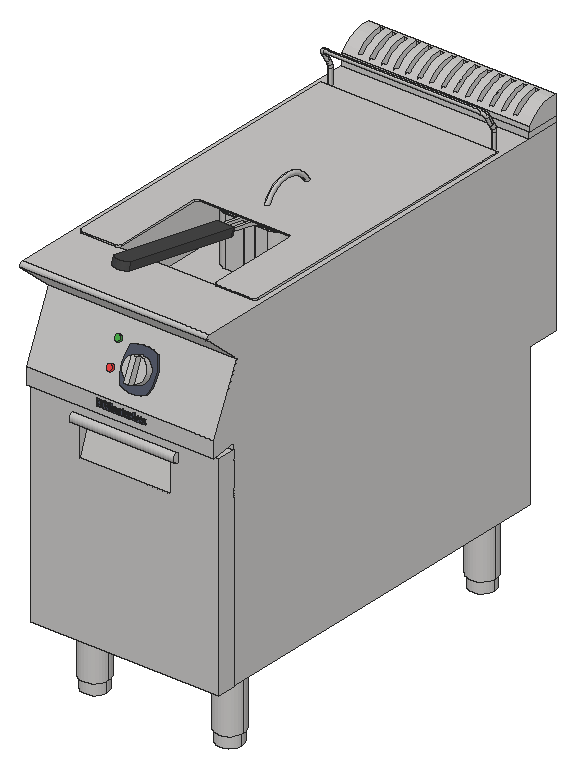
Revit family "QF_ELECTROLUXPROFESSIONAL_391087_E9FRED1GF0", category Specialty Equipment, Revit 2018 (continued)
Automatic sketch dimensions
  Extrusion 21 sketch curve to Extrusion 21 sketch curve = 2.504 mm
  Extrusion 21 sketch curve to Extrusion 21 sketch curve = 2.459 mm
  Extrusion 21 sketch curve to Extrusion 21 sketch curve = 1.322 mm
  Extrusion 21 sketch curve to Extrusion 21 sketch curve = 2.77 mm
  Extrusion 21 sketch curve to Extrusion 21 sketch curve = 2.51 mm
  Extrusion 21 sketch curve to Extrusion 21 sketch curve = 0.187 mm
  Extrusion 21 sketch curve to Extrusion 21 sketch curve = 2.559 mm
  Extrusion 21 sketch curve to Extrusion 21 sketch curve = 1.556 mm
  Extrusion 21 sketch curve to Extrusion 21 sketch curve = 0.222 mm
  Extrusion 21 sketch curve to Extrusion 21 sketch curve = 1.383 mm
  Extrusion 21 sketch curve to Extrusion 21 sketch curve = 3.114 mm
  Extrusion 21 sketch curve to Extrusion 21 sketch curve = 3.376 mm
  Extrusion 21 sketch curve to Extrusion 21 sketch curve = 0.934 mm
  Extrusion 21 sketch curve to Extrusion 21 sketch curve = 0.191 mm
  Extrusion 21 sketch curve to Extrusion 21 sketch curve = 3.696 mm
  Extrusion 21 sketch curve to Extrusion 21 sketch curve = 2.708 mm
  Extrusion 21 sketch curve to Extrusion 21 sketch curve = 3.333 mm
  Extrusion 21 sketch curve to Extrusion 21 sketch curve = 0.332 mm
  Extrusion 21 sketch curve to Extrusion 21 sketch curve = 1.087 mm
  Extrusion 21 sketch curve to Extrusion 21 sketch curve = 2.23 mm
  Extrusion 21 sketch curve to Extrusion 21 sketch curve = 2.757 mm
  Extrusion 21 sketch curve to Extrusion 21 sketch curve = 0.987 mm
  Extrusion 21 sketch curve to Extrusion 21 sketch curve = 1.529 mm
  Extrusion 21 sketch curve to Extrusion 21 sketch curve = 1.796 mm
  Extrusion 21 sketch curve to Extrusion 21 sketch curve = 2.859 mm
  Extrusion 21 sketch curve to Extrusion 21 sketch curve = 0.853 mm
  Extrusion 21 sketch curve to Extrusion 21 sketch curve = 1.241 mm
  Extrusion 21 sketch curve to Extrusion 21 sketch curve = 2.046 mm  (x2)
  Extrusion 21 sketch curve to Extrusion 21 sketch curve = 2.422 mm
  Extrusion 21 sketch curve to Extrusion 21 sketch curve = 0.27 mm  (x2)
  Extrusion 21 sketch curve to Extrusion 21 sketch curve = 0.69 mm
  Extrusion 21 sketch curve to Extrusion 21 sketch curve = 0.781 mm  (x2)
  Extrusion 21 sketch curve to Extrusion 21 sketch curve = 3.136 mm
  Extrusion 21 sketch curve to Extrusion 21 sketch curve = 1.767 mm
  Extrusion 21 sketch curve to Extrusion 21 sketch curve = 0.138 mm
  Extrusion 21 sketch curve to Extrusion 21 sketch curve = 0.777 mm
  Extrusion 21 sketch curve to Extrusion 21 sketch curve = 1.19 mm
  Extrusion 21 sketch curve to Extrusion 21 sketch curve = 0.782 mm
  Extrusion 21 sketch curve to Extrusion 21 sketch curve = 1.268 mm
  Extrusion 21 sketch curve to Extrusion 21 sketch curve = 0.422 mm  (x2)
  Extrusion 21 sketch curve to Extrusion 21 sketch curve = 1.559 mm
  Extrusion 21 sketch curve to Extrusion 21 sketch curve = 3.927 mm
  Extrusion 21 sketch curve to Extrusion 21 sketch curve = 0.983 mm
  Extrusion 21 sketch curve to Extrusion 21 sketch curve = 1.134 mm
  Extrusion 21 sketch curve to Extrusion 21 sketch curve = 0.094 mm
  Extrusion 21 sketch curve to Extrusion 21 sketch curve = 1.584 mm
  Extrusion 21 sketch curve to Extrusion 21 sketch curve = 0.916 mm
  Extrusion 21 sketch curve to Extrusion 21 sketch curve = 0.352 mm
  Extrusion 21 sketch curve to Extrusion 21 sketch curve = 0.458 mm
  Extrusion 21 sketch curve to Extrusion 21 sketch curve = 1.282 mm
  Extrusion 21 sketch curve to Extrusion 21 sketch curve = 0.685 mm
  Extrusion 21 sketch curve to Extrusion 21 sketch curve = 0.905 mm
  Extrusion 21 sketch curve to Extrusion 21 sketch curve = 2.865 mm
  Extrusion 21 sketch curve to Extrusion 21 sketch curve = 0.472 mm
  Extrusion 21 sketch curve to Extrusion 21 sketch curve = 0.101 mm
  Extrusion 21 sketch curve to Extrusion 21 sketch curve = 0.54 mm
  Extrusion 21 sketch curve to Extrusion 21 sketch curve = 0.02 mm
  Extrusion 21 sketch curve to Extrusion 21 sketch curve = 0.468 mm
  Extrusion 21 sketch curve to Extrusion 21 sketch curve = 0.829 mm
  Extrusion 21 sketch curve to Extrusion 21 sketch curve = 0.582 mm
  Extrusion 21 sketch curve to Extrusion 21 sketch curve = 0.166 mm
  Extrusion 21 sketch curve to Extrusion 21 sketch curve = 0.16 mm
  Extrusion 21 sketch curve to Extrusion 21 sketch curve = 2.781 mm
  Extrusion 21 sketch curve to Extrusion 21 sketch curve = 1.118 mm
  Extrusion 21 sketch curve to Extrusion 21 sketch curve = 0.613 mm
  Extrusion 21 sketch curve to Extrusion 21 sketch curve = 0.361 mm
  Extrusion 21 sketch curve to Extrusion 21 sketch curve = 0.897 mm
  Extrusion 21 sketch curve to Extrusion 21 sketch curve = 0.167 mm
  Extrusion 21 sketch curve to Extrusion 21 sketch curve = 0.292 mm
  Extrusion 21 sketch curve to Extrusion 21 sketch curve = 0.305 mm
  Extrusion 21 sketch curve to Extrusion 21 sketch curve = 1.557 mm
  Extrusion 21 sketch curve to Extrusion 21 sketch curve = 2.499 mm
  Extrusion 21 sketch curve to Extrusion 21 sketch curve = 3.062 mm
  Extrusion 21 sketch curve to Extrusion 21 sketch curve = 2.968 mm
  Extrusion 21 sketch curve to Extrusion 21 sketch curve = 5.044 mm
  Extrusion 21 sketch curve to Extrusion 21 sketch curve = 0.629 mm  (x2)
  Extrusion 21 sketch curve to Extrusion 21 sketch curve = 1.131 mm
  Extrusion 21 sketch curve to Extrusion 21 sketch curve = 0.137 mm
  Extrusion 21 sketch curve to Extrusion 21 sketch curve = 0.027 mm
  Extrusion 21 sketch curve to Extrusion 21 sketch curve = 2.235 mm
  plane 10 "TOP A" to Extrusion 23 sketch curve = 2.752 mm
  Extrusion 23 sketch curve to Extrusion 23 sketch curve = 2.306 mm
  Extrusion 23 sketch curve to Extrusion 23 sketch curve = 42.039 mm
  Extrusion 23 sketch curve to Extrusion 23 sketch curve = 6.254 mm
  Extrusion 23 sketch curve to Extrusion 23 sketch curve = 59.061 mm
  Extrusion 3 sketch curve to plane 8 "Center X" = 115.196 mm
  Sweep 4 sketch curve to plane 8 "Center X" = 56.67 mm
  Extrusion 14 sketch curve to plane 18 = 17.103 mm
  Extrusion 14 sketch curve to Extrusion 14 sketch curve = 7.158 mm
  Extrusion 14 sketch curve to Extrusion 14 sketch curve = 18.997 mm
  Extrusion 15 sketch curve to plane 8 "Center X" = 80.89 mm
  Extrusion 23 sketch curve to plane 18 = 17.103 mm
  Extrusion 23 sketch curve to Extrusion 23 sketch curve = 7.158 mm
  Extrusion 23 sketch curve to Extrusion 23 sketch curve = 5.916 mm
  Extrusion 24 sketch curve to plane 4 "RIGHT" = 209.884 mm
  Extrusion 24 sketch curve to Extrusion 24 sketch curve = 0 mm
  Extrusion 24 sketch curve to Extrusion 24 sketch curve = 12.3 mm  (x3)
  Extrusion 24 sketch curve to Extrusion 24 sketch curve = 34.925 mm  (x2)
  Extrusion 24 sketch curve to Extrusion 24 sketch curve = 23.703 mm
  Extrusion 24 sketch curve to Extrusion 24 sketch curve = 0.46 mm
  Extrusion 24 sketch curve to Extrusion 24 sketch curve = 29.032 mm
  Extrusion 24 sketch curve to Extrusion 24 sketch curve = 28.496 mm
  Extrusion 26 sketch curve to Extrusion 26 sketch curve = 24.732 mm
  Extrusion 26 sketch curve to Extrusion 26 sketch curve = 0 mm
  Extrusion 27 sketch curve to plane 4 "RIGHT" = 237.454 mm
  Extrusion 28 sketch curve to plane 4 "RIGHT" = 237.454 mm
  Extrusion 29 sketch curve to plane 5 "FRONT" = 30 mm
  Extrusion 29 sketch curve to plane 15 = 24 mm
  plane 16 to Extrusion 29 sketch curve = 24 mm
  Extrusion 29 sketch curve to plane 21 = 177 mm
  curve 94 to curve 95 = 0 mm
  curve 101 to curve 102 = 0 mm
  curve 27 to plane 4 "RIGHT" = 0 mm
  curve 23 to plane 4 "RIGHT" = 0 mm
  plane 5 "FRONT" to curve 24 = 0 mm
  curve 116 to plane 23 = 0 mm
  curve 4 to plane 3 "LEFT" = 0 mm
  plane 1 "BACK" to curve 29 = 0 mm
  plane 5 "FRONT" to curve 3 = 0 mm
  plane 5 "FRONT" to curve 1 = 0 mm
  curve 17 to plane 4 "RIGHT" = 11.548 mm
  curve 16 to curve 16 = 6.218 mm
  curve 109 to curve 16 = 0 mm
  curve 17 to curve 102 = 9.722 mm
  curve 103 to curve 106 = 3.955 mm
  curve 102 to curve 102 = 3.999 mm
  curve 106 to curve 107 = 1.398 mm
  curve 92 to plane 22 = 15.347 mm
  curve 104 to curve 105 = 2.174 mm
  curve 107 to curve 25 = 2.65 mm
  curve 91 to plane 22 = 6.051 mm
  plane 15 to curve 86 = 0.859 mm
  curve 87 to plane 15 = 8.437 mm
  curve 24 to plane 15 = 18.24 mm
  curve 116 to plane 15 = 24 mm
  curve 87 to curve 84 = 16.193 mm
  curve 84 to curve 83 = 9.296 mm
  curve 15 to plane 15 = 37.387 mm
  curve 15 to curve 14 = 6.325 mm
  curve 13 to curve 13 = 6.35 mm
  curve 83 to curve 80 = 16.193 mm
  curve 80 to curve 79 = 9.296 mm
  plane 1 "BACK" to curve 77 = 6.761 mm
  curve 78 to curve 77 = 16.193 mm
  curve 76 to curve 75 = 9.296 mm
  curve 75 to curve 72 = 16.193 mm
  curve 72 to curve 71 = 9.296 mm
  plane 7 "Center Y" to curve 37 = 18.613 mm
  curve 71 to curve 68 = 16.193 mm
  curve 30 to curve 37 = 3.5 mm
  curve 32 to curve 108 = 0.579 mm
  curve 108 to curve 35 = 5.857 mm
  plane 7 "Center Y" to curve 67 = 8.121 mm
  plane 7 "Center Y" to curve 19 = 4.443 mm
  curve 112 to plane 7 "Center Y" = 0.005 mm
  curve 113 to plane 7 "Center Y" = 0.005 mm
  curve 21 to plane 7 "Center Y" = 0.006 mm
  curve 64 to plane 7 "Center Y" = 8.071 mm
  curve 33 to plane 7 "Center Y" = 8.686 mm
  curve 33 to curve 34 = 5.857 mm
  curve 34 to curve 32 = 0.57 mm
  curve 62 to curve 63 = 9.296 mm
  curve 112 to plane 7 "Center Y" = 18.622 mm
  curve 63 to curve 60 = 16.193 mm
  curve 58 to curve 59 = 9.296 mm
  curve 59 to curve 57 = 16.193 mm
  curve 56 to curve 55 = 9.296 mm
  plane 1 "BACK" to curve 53 = 6.761 mm
  curve 54 to curve 53 = 16.193 mm
  curve 52 to curve 51 = 9.296 mm
  plane 16 to curve 11 = 47.563 mm
  curve 11 to curve 10 = 6.35 mm
  curve 9 to curve 9 = 6.272 mm
  curve 51 to curve 49 = 16.193 mm
  curve 46 to curve 46 = 9.296 mm
  plane 16 to curve 114 = 24 mm
  plane 16 to curve 45 = 8.487 mm
  plane 16 to curve 23 = 3.881 mm
  curve 43 to plane 16 = 0.809 mm
  plane 1 "BACK" to curve 41 = 6.761 mm
  curve 42 to curve 41 = 16.193 mm
  curve 25 to plane 16 = 24.082 mm
  curve 100 to curve 98 = 0.475 mm
  curve 40 to curve 39 = 9.296 mm
  curve 25 to curve 97 = 2.65 mm
  curve 100 to curve 99 = 1.398 mm
  plane 12 to curve 94 = 3.22 mm
  curve 94 to curve 94 = 3.999 mm
  curve 26 to curve 98 = 6.218 mm
  plane 3 "LEFT" to curve 7 = 17.965 mm
  curve 7 to curve 7 = 6.416 mm
  curve 23 to curve 4 = 4.082 mm
  plane 1 "BACK" to curve 90 = 6.761 mm
  plane 1 "BACK" to curve 89 = 6.761 mm
  plane 1 "BACK" to curve 85 = 6.761 mm
  plane 1 "BACK" to curve 81 = 6.761 mm
  plane 1 "BACK" to curve 73 = 6.761 mm
  plane 1 "BACK" to curve 69 = 6.761 mm
  plane 1 "BACK" to curve 65 = 6.761 mm
  plane 1 "BACK" to curve 61 = 6.761 mm
  plane 1 "BACK" to curve 57 = 6.761 mm
  plane 1 "BACK" to curve 49 = 6.761 mm
  plane 1 "BACK" to curve 45 = 6.761 mm
  curve 46 to curve 47 = 57.15 mm
  curve 66 to curve 68 = 57.15 mm
  curve 65 to curve 67 = 0 mm
  curve 86 to curve 88 = 57.15 mm
  curve 88 to curve 91 = 0 mm
  curve 85 to curve 87 = 0 mm
  curve 68 to curve 71 = 0 mm
  curve 81 to curve 83 = 0 mm
  curve 61 to curve 63 = 0 mm
  curve 39 to curve 47 = 0 mm
  curve 40 to curve 43 = 0 mm
  curve 57 to curve 59 = 0 mm
  curve 72 to curve 75 = 0 mm
  curve 48 to curve 51 = 0 mm
  curve 39 to curve 27 = 7.979 mm
  plane 12 to curve 101 = 3.22 mm
  curve 95 to curve 110 = 8.085 mm
  curve 101 to curve 111 = 8.085 mm
  curve 102 to curve 28 = 8.085 mm
  curve 111 to curve 100 = 2.442 mm
  curve 111 to curve 107 = 2.442 mm
  curve 100 to curve 98 = 2.87 mm
  curve 107 to curve 105 = 2.87 mm
  curve 98 to curve 97 = 3.923 mm
  curve 107 to curve 106 = 0.8 mm
  plane 8 "Center X" to curve 21 = 51.156 mm
  curve 20 to plane 8 "Center X" = 55.62 mm
  curve 19 to curve 35 = 59.576 mm
  curve 36 to plane 18 = 20.187 mm
  curve 108 to curve 37 = 3.381 mm
  curve 32 to curve 31 = 3.39 mm
  curve 14 to plane 13 = 19.182 mm
  curve 7 to plane 13 = 19.151 mm
  curve 16 to plane 13 = 19.075 mm
  curve 109 to plane 13 = 12.735 mm
  curve 23 to plane 5 "FRONT" = 57 mm
  curve 113 to plane 5 "FRONT" = 34.946 mm
  curve 113 to curve 112 = 3.043 mm
  curve 112 to curve 113 = 9.034 mm
  curve 113 to curve 31 = 3.111 mm
  radius of Sweep 4 sketch curve = 4.353 mm
  radius of Sweep 20 sketch curve = 4 mm
  radius of Extrusion 22 sketch curve = 6.35 mm
  radius of Extrusion 25 sketch curve = 25.4 mm
  radius of Extrusion 26 sketch curve to Extrusion 25 = 0 mm  (x2)
  radius of Extrusion 27 sketch curve = 6.35 mm
  radius of Extrusion 28 sketch curve = 6.35 mm
Connectors
  electrical at (355, -650, 161.979), driven by "Volts", driven by "Watts"
    settings: on Extrusion 22, index 1, voltage 400 V, apparent load 10000 VA, apparent load phase1 0 VA, apparent load phase2 0 VA, apparent load phase3 0 VA, power factor 1, load classification "Other", number of poles 1, system type 30, power factor state 1, is connector primary yes, connector utility no, sub classification motor no, connector description "ELECTRICAL CONNECTION"
